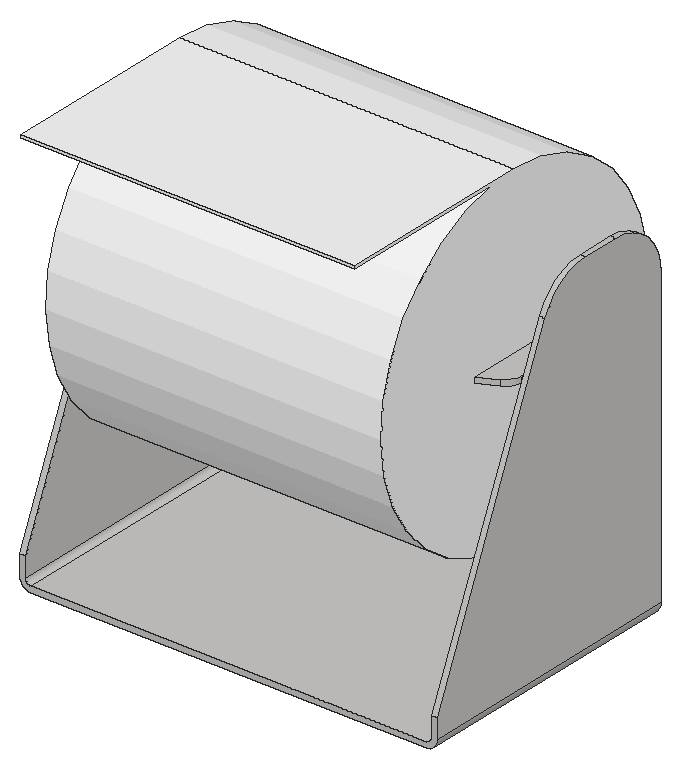
Revit family "PRD_AR_TltRllHldrs_ToiletRollHolder_CHRX675", category Specialty Equipment, host Face, Revit 2018
Family settings
  Host = Face
  Round Connector Dimension = Use Diameter
  Part Type = Normal
  OmniClass Number = 23.40.20.21.21
  OmniClass Title = Toilet Paper Dispensers
  Cut with Voids When Loaded = No
  Shared = No
  Room Calculation Point = No
Parameters (values of type "CHRX675")
  WarrantyStartDate [instance] = "1900-12-31T23:59:59"
  WarrantyGuarantorParts = "n/a"
  WarrantyGuarantorLabor = "n/a"
  WarrantyDurationUnit = "year"
  WarrantyDurationParts = "n/a"
  WarrantyDurationLabor = "n/a"
  WarrantyDescription = "n/a"
  Version = "1"
  Uniclass2015Version = "Products v1.5"
  Uniclass2015Title = "Toilet roll holders"
  Uniclass2015Code = "Pr_40_20_76_88"
  URL = "www.kwc.com"
  ToiletRollMaterial = PRD_AR_ToiletRoll
  TagNumber [instance] = "n/a"
  SustainabilityPerformance = "n/a"
  Style = "Toilet roll holder"
  Size = "150 x 100 x 130 mm"
  Shape = "n/a"
  SerialNumber [instance] = "n/a"
  RollHolderMaterial = PRD_AR_StainlessSteel_SatinFinished
  Revision = "n/a"
  ReplacementCost = "n/a"
  ProductInformation = "https://pim.kwc.com/product/2000057143/attachment/datasheet?locale=en"
  NominalWidth = 150.00 mm
  NominalLength = 150.00 mm
  NominalHeight = 100.00 mm
  NominalDepth = 130.00 mm
  NetWeight = 0.57 kg
  Name = "Toilet roll holder CHRX675"
  NBSTypeID = "n/a"
  NBSReference = "45-35-72/368"
  NBSOfficeMasterTag = "n/a"
  NBSNote = "n/a"
  NBSDescription = "Toilet roll holders"
  NBSCertification = "n/a"
  ModelReference = "CHRX675"
  ModelNumber = "2000057143"
  Model = ModelReference  # "CHRX675"
  MaximumWidthOfConsumable = 140.00 mm
  Materials = "Stainless steel"
  Material = "Stainless steel"
  ManufacturerURL = "www.kwc.com"
  ManufacturerName = "KWC Group AG"  # constant formula
  Manufacturer = ManufacturerName  # "KWC Group AG"
  MainColor = "Stainless steel"
  IntegralAccessories = "Stainless steel screws and dowels incl."
  InstallationDate [instance] = "1900-12-31T23:59:59"
  IfcExportType = "NOTDEFINED"
  IfcExportAs = "IfcFurnitureType"
  GrossWeight = 0.85 kg
  Grade = "n/a"
  Form = "Wall mounted"
  FinishAndColour = "Stainless steel, satin finished"
  Finish = "Satin finished"
  FillingQuantity = "1 ROLL"
  Features = "stainless steel, 2.00 mm, satin finished, wall mounting, 150x100x130 mm (WxHxD)"
  ExpectedLife = "n/a"
  DurationUnit = "year"
  Description = "Toilet roll holder for wall mounting, stainless steel, surface satin finished, material thickness 2 mm, cylinder lock with KWC standard key, for 1 roll with max. 140 mm diameter, thief protected spindle, controlled paper consumption due to spindle stop mechanism, incl. stainless steel screws and dowels."
  Default Elevation = 700.00 mm
  Constituents = "n/a"
  Color = "Stainless steel"
  CodePerformance = "n/a"
  Category = "Pr_40_20_76_88, Toilet roll holders"
  BarCode [instance] = "n/a"
  BIMObjectName = "PRD_AR_ToiletRollHolders_ToiletRollHolder_CHRX675"
  Author = "Archispace"  # constant formula
  AssetType = "Fixed"
  AssetIdentifier [instance] = "n/a"
  AccessibilityPerformance = "n/a"
Reference planes
  plane 1 "Center (Front/Back)": y = 0
  plane 2: z = 0
  plane 3 "Center (Left/Right)": x = 0
  plane 4: y = 35
  plane 5: x = -75
  plane 6: y = -50
Forms (mm)
  Extrusion 1, solid, material "PRD_AR_ToiletRoll" <- "ToiletRollMaterial", detail levels medium+fine
    sketch origin (0, 0, 0) x (0, 1, 0) y (0, 0, 1)
      loop
        arc (-6.765, 158.2) -> (7.899, 39.2) -> (3, 159) r 60
        line (3, 159) -> (-68.5, 159) -> (-68.5, 158.2) -> (-6.765, 158.2)
    from -60 to 60
  Extrusion 2, solid, material "PRD_AR_StainlessSteel_SatinFinished" <- "RollHolderMaterial", detail levels fine
    sketch origin (0, 0, 0) x (1, 0, 0) y (0, 0, 1)
      loop
        line (-71, 0) -> (71, 0)
        arc (71, 0) -> (73.828, 1.172) -> (75, 4) r 4
        line (75, 4) -> (75, 130) -> (73, 130) -> (73, 4)
        arc (73, 4) -> (72.414, 2.586) -> (71, 2) r 2
        line (71, 2) -> (-71, 2)
        arc (-71, 2) -> (-72.414, 2.586) -> (-73, 4) r 2
        line (-73, 4) -> (-73, 130) -> (-75, 130) -> (-75, 4)
        arc (-75, 4) -> (-73.828, 1.172) -> (-71, 0) r 4
    from -50 to 50
  Extrusion 3, solid, material "PRD_AR_StainlessSteel_SatinFinished" <- "RollHolderMaterial", detail levels fine
    sketch origin (0, 0, 0) x (1, 0, 0) y (0, 0, 1)
      loop
        line (60, 22.506) -> (60, 17.5)
        arc (60, 17.5) -> (59.268, 15.732) -> (57.5, 15) r 2.5
        line (57.5, 15) -> (-57.5, 15)
        arc (-57.5, 15) -> (-59.268, 15.732) -> (-60, 17.5) r 2.5
        line (-60, 17.5) -> (-60, 22.506)
        arc (-60, 22.506) -> (-60.147, 24.033) -> (-60.583, 25.503) r 8
        line (-60.583, 25.503) -> (-72.5, 55) -> (-75, 55) -> (-75, 4)
        arc (-75, 4) -> (-73.828, 1.172) -> (-71, 0) r 4
        line (-71, 0) -> (71, 0)
        arc (71, 0) -> (73.828, 1.172) -> (75, 4) r 4
        line (75, 4) -> (75, 55) -> (72.5, 55) -> (60.583, 25.503)
        arc (60.583, 25.503) -> (60.147, 24.033) -> (60, 22.506) r 8
    from -48 to -50
  Extrusion 4, void
    sketch origin (0, 0, 0) x (0, 1, 0) y (0, 0, 1)
      loop
        line (16.437, 130) -> (-50, 130) -> (-50, 11) -> (-1.805, 118.201)
        arc (-1.805, 118.201) -> (5.574, 126.793) -> (16.437, 130) r 20
      loop
        line (50, 110) -> (50, 130) -> (30, 130)
        arc (30, 130) -> (44.142, 124.142) -> (50, 110) r 20
    from -80 to 80
  Extrusion 5, solid, material "PRD_AR_StainlessSteel_SatinFinished" <- "RollHolderMaterial", detail levels fine
    sketch origin (0, 0, 0) x (1, 0, 0) y (0, 1, 0)
      loop
        line (49.523, -20.192) -> (66.85, -11.529)
        spline (66.85, -11.529) -> (67.313, -11.271) -> (67.752, -10.973) -> (68.163, -10.638) -> (68.543, -10.267) -> (68.889, -9.864) -> (69.197, -9.433) -> (69.466, -8.975) -> (69.694, -8.496) -> (69.879, -7.999) -> (70.019, -7.487) -> (70.113, -6.965) -> (70.16, -6.436)
        line (70.16, -6.436) -> (71.5, 22.988) -> (73, 22.988) -> (73, 27.012) -> (-73, 27.012) -> (-73, 22.988) -> (-71.5, 22.988) -> (-70.16, -6.436)
        spline (-70.16, -6.436) -> (-70.113, -6.964) -> (-70.019, -7.487) -> (-69.879, -7.998) -> (-69.694, -8.496) -> (-69.466, -8.975) -> (-69.197, -9.432) -> (-68.889, -9.864) -> (-68.543, -10.267) -> (-68.163, -10.637) -> (-67.752, -10.973) -> (-67.313, -11.271) -> (-66.85, -11.529)
        line (-66.85, -11.529) -> (-49.522, -20.192)
        spline (-49.522, -20.192) -> (-49.418, -20.242) -> (-49.311, -20.288) -> (-49.203, -20.329) -> (-49.093, -20.367) -> (-48.982, -20.4) -> (-48.87, -20.429) -> (-48.757, -20.453) -> (-48.643, -20.473) -> (-48.528, -20.489) -> (-48.412, -20.5) -> (-48.297, -20.507) -> (-48.181, -20.509)
        line (-48.181, -20.509) -> (48.181, -20.509)
        spline (48.181, -20.509) -> (48.297, -20.507) -> (48.413, -20.5) -> (48.528, -20.489) -> (48.643, -20.473) -> (48.757, -20.453) -> (48.87, -20.429) -> (48.983, -20.4) -> (49.094, -20.367) -> (49.203, -20.329) -> (49.311, -20.288) -> (49.418, -20.242) -> (49.523, -20.192)
    from 98 to 100
  Revolve 6, solid, material "PRD_AR_StainlessSteel_SatinFinished" <- "RollHolderMaterial", detail levels fine
    sketch origin (0, 35, 0) x (0, 0, -1) y (-1, 0, 0)
      loop
        line (-105, 75) -> (-105, 79.5)
        arc (-105, 79.5) -> (-105.586, 80.914) -> (-107, 81.5) r 2
        line (-107, 81.5) -> (-115, 81.5) -> (-115, 75) -> (-105, 75)
      axis (-115, 75) -> (-115, 81.5)
    angle from 0 to 360
  Extrusion 7, solid, material "PRD_AR_StainlessSteel_SatinFinished" <- "RollHolderMaterial", detail levels coarse+medium
    sketch origin (0, 0, 0) x (0, 1, 0) y (0, 0, 1)
      loop
        line (50, 0) -> (50, 130) -> (3.5, 130) -> (-50, 11) -> (-50, 0) -> (50, 0)
    from -75 to 75
Cuts and joins
  Extrusion 4 cuts Extrusion 2
  joined: Extrusion 2, Extrusion 3, Extrusion 5
Dimensions and locks
  aligned and locked: plane 2 to host face
  aligned and locked: level to host face
